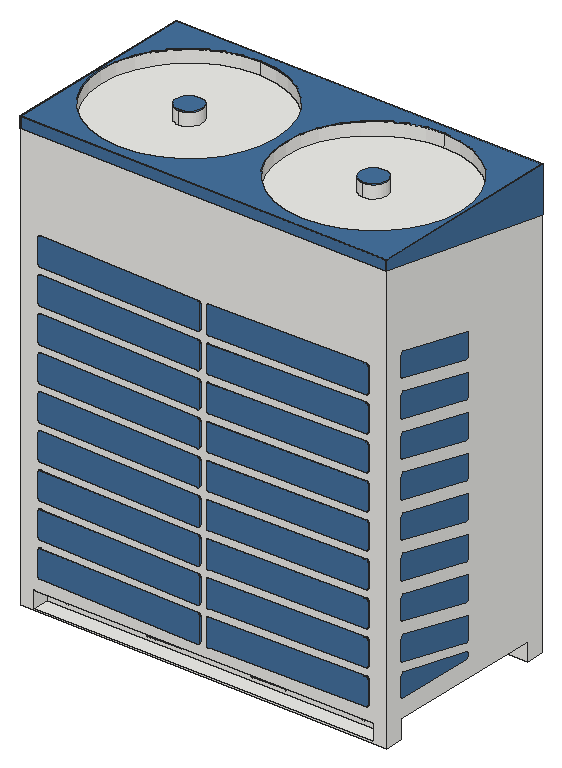
Revit family "bimlib_narujnyeblokisistemakondicionirovaniya_mrv-5_18-26hp_haier", category Оборудование, Revit 2020
Family settings
  Размер круглого соединителя = Использовать диаметр
  Тип детали = Нормальный
  На основе рабочей плоскости = Нет
  Всегда вертикально = Да
  При загрузке вырезать с полостями = Нет
  Общий = Нет
  Точка расчета площади = Нет
Parameters (values of type "AV18IMVEVA_18HP_HAIER")
  Тип компрессора = "DC INV. СПИРАЛ."  # constant formula
  Тип хладагента = "R410A"  # constant formula
  Рабочий диапазон_Охлаждение = "-5 ~ 50"  # constant formula
  Рабочий диапазон_Обогрев = "-23 ~ 21"  # constant formula
  Работа на обогрев = no
  Производитель компрессора = "MITSUBISHI ELECTRIC"  # constant formula
  Охлаждение_Номинальный ток = 24.14 A
  Охлаждение_Номинальная потребляемая мощность = 14.3 kW
  Охлаждение_Максимальный ток = 36.13 A
  Охлаждение_Максимальная потребляемая мощность = 21.4 kW
  Отметка по умолчанию = 0.00 mm
  Обогрев_Номинальный ток = 22.62 A
  Обогрев_Максимальный ток = 29.88 A
  Обогрев_Номинальная потребляемая мощность = 13.4 kW
  Обогрев_Максимальная потребляемая мощность = 17.7 kW
  Частота тока = 50 Hz  # constant formula
  Холодопроизводительность = 50.4 kW
  Теплопроизводительность = 56.5 kW
  Изготовитель = [ADSK_Завод-изготовитель]  # "Haier Group"
  Звуковое давление = "61"
  Звуковая мощность = "72"
  Заправка хладагента = 10.00 kg
  Видимость_Зона обслуживания [instance] = no
  Watermark [instance] = "Модели защищены уникальным кодом"
  URL = "www.haier.com"
  Диаметр_Жидкость = 15.88 mm
  Диаметр_Газ = 28.58 mm
  HG_URL поставщика = "www.haierproff.ru"
  BL_Разработано = "support@bimlib.pro"
  BL_BIM library = "https://bimlib.pro/manufacturer/company/23806"
  ADSK_Расход жидкости [instance] = 0.0 L/s
  ADSK_Расход воздуха = 17000.0 m³/h
  ADSK_Размер_Ширина = 1410.00 mm
  ADSK_Размер_Глубина = 750.00 mm
  ADSK_Размер_Высота = 1690.00 mm
  ADSK_Полная мощность = ADSK_Номинальная мощность / ADSK_Коэффициент мощности  # 14300 VA
  ADSK_Обозначение = "MRV 5"  # constant formula
  ADSK_Номинальная мощность = if(Работа на обогрев, Обогрев_Номинальная потребляемая мощность, Охлаждение_Номинальная потребляемая мощность)  # 14300 W
  ADSK_Напряжение = 400 V
  ADSK_Наименование краткое = "VRF-системы MRV 5, 18HP"
  ADSK_Наименование = "Наружный блок VRF-системы кондиционирования MRV-5, 18HP"
  ADSK_Масса = 287
  ADSK_Коэффициент мощности = 1
  ADSK_Количество фаз = 3
  ADSK_Количество = 1  # constant formula
  ADSK_Код изделия = "AV18IMVEVA"
  ADSK_Классификация нагрузок = ОВК
  ADSK_Завод-изготовитель = "Haier Group"  # constant formula
  ADSK_Единица измерения = "шт."  # constant formula
  ADSK_Группирование = "VRF-системы MRV 5"  # constant formula
  ADSK_Версия Revit = "2017"  # constant formula
  ADSK_URL страницы изделия = "https://haierproff.ru/material/cond/tech/products/multizonalnie_sistemy_vrf/mrv_V"
  ADSK_URL документации изделия = "https://haierproff.ru/material/cond/tech/products/multizonalnie_sistemy_vrf/mrv_V/1522"
Reference planes
  plane 1 "По центру (Вперед/Назад)": y = 0
  plane 2: z = 0
  plane 3 "По центру (Влево/Вправо)": x = 0
  plane 4: x = -705
  plane 5: x = 705
  plane 6: y = 375
  plane 7: y = -375
  plane 8: z = 1690
  plane 9: z = 70
  plane 10: y = 305
  plane 11: y = -305
  plane 12 "1": y = 375
  plane 13: x = -605
  plane 14: z = 1370.593
  plane 15 "2": z = 210
  plane 16: y = 275
  plane 17 "3": z = 350
  plane 18 "4": z = 120
  plane 19: y = -275
  plane 20 "5": z = 1689
  plane 21: x = -420
  plane 22: x = 420
  plane 23: y = 310
  plane 24: z = 5
  plane 25: y = -310
  plane 26: y = 376
Forms (mm)
  Extrusion 1, solid, material "BIMLIB_Белый_Haier", detail levels medium+fine
    sketch origin (0, 0, 0) x (1, 0, 0) y (0, 1, 0)
      loop
        line (-705, 375) -> (-705, -375) -> (705, -375) -> (705, 375) -> (-705, 375)
    from 0 to 1689
  Extrusion 2, solid, material "BIMLIB_Синий_Haier", detail levels medium+fine
    sketch origin (-705, 375, 0) x (1, 0, 0) y (0, 0, -1)
      loop
        line (765, -1649) -> (0, -1649) -> (0, -1689) -> (1410, -1689) -> (1410, -1513.419) -> (865, -1438.957) -> (865, -1549)
        arc (865, -1549) -> (835.711, -1619.711) -> (765, -1649) r 100
    from 0 to 1
  Extrusion 3, solid, material "BIMLIB_Синий_Haier", detail levels medium+fine
    sketch origin (-705, -375, 0) x (0, 1, 0) y (0, 0, -1)
      loop
        line (751, -1649) -> (0, -1649) -> (0, -1689) -> (751, -1689) -> (751, -1649)
    from 0 to 1
  Extrusion 4, solid, material "BIMLIB_Синий_Haier", detail levels medium+fine
    sketch origin (705, -375, 0) x (-1, 0, 0) y (0, 0, -1)
      loop
        line (1411, -1649) -> (0, -1649) -> (0, -1689) -> (1411, -1689) -> (1411, -1649)
    from 0 to 1
  Extrusion 5, solid, material "BIMLIB_Синий_Haier", detail levels medium+fine
    sketch origin (705, 375, 0) x (0, -1, 0) y (0, 0, -1)
      loop
        line (751, -1649.181) -> (-1, -1513.238) -> (-1, -1689) -> (751, -1689) -> (751, -1649.181)
    from 0 to 1
  Extrusion 6, void, detail levels fine
    sketch origin (0, 0, 1689) x (0, 1, 0) y (1, 0, 0)
      loop
        circle (0, -356) r 340
      loop
        circle (0, -356) r 50
      loop
        circle (0, 356) r 340
      loop
        circle (0, 356) r 50
    from -1 to 49
  Extrusion 7, solid, material "BIMLIB_Синий_Haier", detail levels medium+fine
    sketch origin (500, 0, 1689) x (1, 0, 0) y (0, 1, 0)
      loop
        line (206, 376) -> (-1206, 376) -> (-1206, -376) -> (206, -376) -> (206, 376)
      loop
        circle (-856, 0) r 340
      loop
        circle (-856, 0) r 50
      loop
        circle (-144, 0) r 340
      loop
        circle (-144, 0) r 50
    from 1 to 0
  Extrusion 8, void
    sketch origin (0, 0, 0) x (1, 0, 0) y (0, 1, 0)
      loop
        line (-705, 305) -> (-705, -305) -> (705, -305) -> (705, 305) -> (-705, 305)
    from 0 to 70
  Extrusion 9, void, detail levels medium+fine
    sketch origin (-705, 375, 0) x (-1, 0, 0) y (0, 0, -1)
      loop
        line (-1360, -70) -> (-50, -70) -> (-50, -5) -> (-1360, -5) -> (-1360, -70)
    from 0 to 65
  Extrusion 10, void, detail levels medium+fine
    sketch origin (-705, 375, -45) x (-1, 0, 0) y (0, 0, -1)
      loop
        line (-1360, -115) -> (-50, -115) -> (-50, -50) -> (-1360, -50) -> (-1360, -115)
    from 685 to 750
  Extrusion 11, void
    sketch origin (705, -375, 0) x (1, 0, 0) y (0, 0, -1)
      loop
        arc (-440, -62.392) -> (-432.929, -59.463) -> (-430, -52.392) r 10
        line (-430, -52.392) -> (-430, -27.392)
        arc (-430, -27.392) -> (-432.929, -20.321) -> (-440, -17.392) r 10
        line (-440, -17.392) -> (-565.997, -17.392)
        arc (-565.997, -17.392) -> (-573.068, -20.321) -> (-575.997, -27.392) r 10
        line (-575.997, -27.392) -> (-575.997, -52.392)
        arc (-575.997, -52.392) -> (-573.068, -59.463) -> (-565.997, -62.392) r 10
        line (-565.997, -62.392) -> (-440, -62.392)
      loop
        circle (-133.805, -39.902) r 20
      loop
        line (-970, -62.392) -> (-844.003, -62.392)
        arc (-844.003, -62.392) -> (-836.932, -59.463) -> (-834.003, -52.392) r 10
        line (-834.003, -52.392) -> (-834.003, -27.392)
        arc (-834.003, -27.392) -> (-836.932, -20.321) -> (-844.003, -17.392) r 10
        line (-844.003, -17.392) -> (-970, -17.392)
        arc (-970, -17.392) -> (-977.071, -20.321) -> (-980, -27.392) r 10
        line (-980, -27.392) -> (-980, -52.392)
        arc (-980, -52.392) -> (-977.071, -59.463) -> (-970, -62.392) r 10
      loop
        circle (-1276.195, -39.902) r 20
    from 0 to 735.349
  Extrusion 12, solid, material "BIMLIB_Белый_Haier", detail levels medium+fine
    sketch origin (285, 0, 0) x (1, 0, 0) y (0, 0, 1)
      loop
        circle (261.539, 120) r 14.29
    from -376 to -375
  Extrusion 13, solid, material "BIMLIB_Белый_Haier", detail levels medium+fine
    sketch origin (235, 0, 0) x (1, 0, 0) y (0, 0, 1)
      loop
        circle (261.539, 120) r 7.94
    from -376 to -375
Cuts and joins
  Extrusion 6, Extrusion 8, Extrusion 9, Extrusion 10, Extrusion 11 cuts Extrusion 1
Lines and regions (mm)
  Masking region 1, detail levels coarse
    outline origin (0, 0, 0) x (1, 0, 0) y (0, 1, 0)
      loop
        line (-705, 375) -> (-705, -375) -> (705, -375) -> (705, 375) -> (-705, 375)
  model lines, detail levels medium+fine
    curve 1: line (-155, 375, 1323.97) -> (-155, 375, 70)
    curve 2: line (-100.276, 375, 1403.395) -> (704.944, 375, 1513.411)
    curve 3: arc (-100.276, 375, 1403.395) -> (-139.995, 375, 1372.196) -> (-155, 375, 1323.97) r 85
    curve 4: line (-655, 375, 70) -> (704.944, 375, 70)
    curve 5: line (-705, 375, 1649.161) -> (59.677, 375, 1649.161)
    curve 6: line (160, 375, 1438.957) -> (160, 375, 1548.839)
    curve 7: arc (59.677, 375, 1649.161) -> (130.616, 375, 1619.778) -> (160, 375, 1548.839) r 100.323
    curve 8: line (-705, 375, 1649) -> (-705, -375, 1649)
    curve 9: line (-705, -375, 1649) -> (705, -375, 1649)
    curve 10: line (705, -375, 1649) -> (705, 375, 1513.419)
    curve 11: line (-655, 375, 0) -> (-655, 375, 1649.161)
    curve 12: line (-705, 305, 0) -> (-705, 305, 1649)
    curve 13: line (-705, -305, 0) -> (-705, -305, 1649)
    curve 14: line (705, -305, 0) -> (705, -305, 1636.346)
    curve 15: line (705, 305, 0) -> (705, 305, 1526.073)
    curve 16: line (-655, -375, 0) -> (-655, -375, 1649)
    curve 17: line (655, -375, 1649) -> (655, -375, 0)
    curve 18: line (-155, 375, 295) -> (704.944, 375, 295)
    curve 19: line (-95, 375, 1308.963) -> (-95, 375, 367.763)
    curve 20: line (615, 375, 1214.61) -> (615, 375, 454.354)
    curve 21: line (-95, 375, 1308.963) -> (591.139, 375, 1243.975)
    curve 22: line (590.43, 375, 424.85) -> (-95, 375, 367.763)
    curve 23: arc (591.139, 375, 1243.975) -> (608.283, 375, 1233.528) -> (615, 375, 1214.61) r 30
    curve 24: arc (615, 375, 454.354) -> (608.053, 375, 435.156) -> (590.43, 375, 424.85) r 30
    curve 37: circle (-356, 0, 1640) r 340 normal (0, 0, 1)
    curve 38: line (-96.348, 249.353, 1640) -> (-97.737, 250.792, 1640)
    curve 39: line (-96.348, -249.353, 1640) -> (-97.737, -250.792, 1640)
    curve 40: line (-615.652, -249.353, 1640) -> (-614.263, -250.792, 1640)
    curve 41: line (-615.652, 249.353, 1640) -> (-614.263, 250.792, 1640)
    curve 42: circle (-356, 0, 1640) r 50 normal (0, 0, 1)
    curve 43: line (705, 375, 70) -> (705, -375, 70)
    curve 44: line (-705, 305, 70) -> (-705, -305, 70)
    curve 45: line (-655, -375, 70) -> (655, -375, 70)
    curve 46: circle (557.1, 375, 249.453) r 25 normal (0, 1, 0)
    curve 47: circle (468.57, 375, 251.981) r 25 normal (0, 1, 0)
    curve 48: circle (440.463, 375, 213.367) r 15 normal (0, 1, 0)
    curve 49: circle (512.34, 375, 267.531) r 15 normal (0, 1, 0)
    curve 50: circle (608.548, 375, 214.202) r 15 normal (0, 1, 0)
    curve 51: line (584.43, 375, 70) -> (584.43, 375, 142.923)
    curve 52: line (581.574, 375, 153.224) -> (543.566, 375, 216.479)
    curve 53: line (534.994, 375, 221.329) -> (487.092, 375, 221.329)
    curve 54: line (481.357, 375, 219.52) -> (419.978, 375, 176.543)
    curve 55: line (411.45, 375, 160.16) -> (411.45, 375, 70)
    curve 56: line (472.731, 375, 213.48) -> (472.731, 375, 70)
    curve 57: arc (534.994, 375, 221.329) -> (539.919, 375, 220.032) -> (543.566, 375, 216.479) r 10
    curve 58: arc (487.092, 375, 221.329) -> (484.085, 375, 220.866) -> (481.357, 375, 219.52) r 10
    curve 59: arc (581.574, 375, 153.224) -> (583.703, 375, 148.268) -> (584.43, 375, 142.923) r 20
    curve 60: arc (419.978, 375, 176.543) -> (413.709, 375, 169.395) -> (411.45, 375, 160.16) r 20
    curve 61: line (705, 305, 295) -> (705, 375, 295)
    curve 62: circle (705, 250, 232.622) r 25 normal (1, 0, 0)
    curve 63: circle (705, 250, 178.02) r 25 normal (1, 0, 0)
    curve 64: circle (705, 195.472, 232.622) r 15 normal (1, 0, 0)
    curve 65: circle (705, 195.472, 178.02) r 15 normal (1, 0, 0)
    curve 70: circle (-356, 0, 1640) r 340 normal (0, 0, 1)
    curve 71: line (-96.348, 249.353, 1640) -> (-97.737, 250.792, 1640)
    curve 72: line (-96.348, -249.353, 1640) -> (-97.737, -250.792, 1640)
    curve 73: line (-615.652, -249.353, 1640) -> (-614.263, -250.792, 1640)
    curve 74: line (-615.652, 249.353, 1640) -> (-614.263, 250.792, 1640)
    curve 75: line (-335.742, -45.712, 1640) -> (-213.828, -275, 1640)
    curve 76: arc (-349.827, -49.617, 1640) -> (-347.264, -147.55, 1640) -> (-325.752, -243.126, 1640) r 502.605
    curve 77: arc (-325.752, -243.126, 1640) -> (-278.233, -288.709, 1640) -> (-213.828, -275, 1640) r 70.33
    curve 78: line (-310.288, 20.258, 1640) -> (-81, 142.172, 1640)
    curve 79: arc (-306.383, 6.173, 1640) -> (-208.45, 8.736, 1640) -> (-112.874, 30.248, 1640) r 502.605
    curve 80: arc (-112.874, 30.248, 1640) -> (-67.291, 77.767, 1640) -> (-81, 142.172, 1640) r 70.33
    curve 81: line (-401.712, -20.258, 1640) -> (-631, -142.172, 1640)
    curve 82: arc (-405.617, -6.173, 1640) -> (-503.55, -8.736, 1640) -> (-599.126, -30.248, 1640) r 502.605
    curve 83: arc (-599.126, -30.248, 1640) -> (-644.709, -77.767, 1640) -> (-631, -142.172, 1640) r 70.33
    curve 84: line (-376.258, 45.712, 1640) -> (-498.172, 275, 1640)
    curve 85: arc (-362.173, 49.617, 1640) -> (-364.736, 147.55, 1640) -> (-386.248, 243.126, 1640) r 502.605
    curve 86: arc (-386.248, 243.126, 1640) -> (-433.767, 288.709, 1640) -> (-498.172, 275, 1640) r 70.33
    curve 87: circle (-356, 0, 1640) r 50 normal (0, 0, 1)
    curve 88: circle (356, 0, 1640) r 340 normal (0, 0, 1)
    curve 89: line (615.652, 249.353, 1640) -> (614.263, 250.792, 1640)
    curve 90: line (615.652, -249.353, 1640) -> (614.263, -250.792, 1640)
    curve 91: line (96.348, -249.353, 1640) -> (97.737, -250.792, 1640)
    curve 92: line (96.348, 249.353, 1640) -> (97.737, 250.792, 1640)
    curve 93: line (376.258, -45.712, 1640) -> (498.172, -275, 1640)
    curve 94: arc (362.173, -49.617, 1640) -> (364.736, -147.55, 1640) -> (386.248, -243.126, 1640) r 502.605
    curve 95: arc (386.248, -243.126, 1640) -> (433.767, -288.709, 1640) -> (498.172, -275, 1640) r 70.33
    curve 96: line (401.712, 20.258, 1640) -> (631, 142.172, 1640)
    curve 97: arc (405.617, 6.173, 1640) -> (503.55, 8.736, 1640) -> (599.126, 30.248, 1640) r 502.605
    curve 98: arc (599.126, 30.248, 1640) -> (644.709, 77.767, 1640) -> (631, 142.172, 1640) r 70.33
    curve 99: line (310.288, -20.258, 1640) -> (81, -142.172, 1640)
    curve 100: arc (306.383, -6.173, 1640) -> (208.45, -8.736, 1640) -> (112.874, -30.248, 1640) r 502.605
    curve 101: arc (112.874, -30.248, 1640) -> (67.291, -77.767, 1640) -> (81, -142.172, 1640) r 70.33
    curve 102: line (335.742, 45.712, 1640) -> (213.828, 275, 1640)
    curve 103: arc (349.827, 49.617, 1640) -> (347.264, 147.55, 1640) -> (325.752, 243.126, 1640) r 502.605
    curve 104: arc (325.752, 243.126, 1640) -> (278.233, 288.709, 1640) -> (213.828, 275, 1640) r 70.33
    curve 105: circle (356, 0, 1640) r 50 normal (0, 0, 1)
    curve 106: circle (-356, 0, 1689) r 50 normal (0, 0, 1)
    curve 107: line (-356, -50, 1689) -> (-356, -350, 1689)
    curve 108: line (-406, 0, 1689) -> (-706, 0, 1689)
    curve 109: line (-356, 50, 1689) -> (-356, 350, 1689)
    curve 110: line (-357, 49.99, 1689) -> (-357, 349.999, 1689)
    curve 111: line (-355, 49.99, 1689) -> (-355, 349.999, 1689)
    curve 112: line (-405.99, -1, 1689) -> (-705.999, -1, 1689)
    curve 113: line (-405.99, 1, 1689) -> (-705.999, 1, 1689)
    curve 114: line (-357, -49.99, 1689) -> (-357, -349.999, 1689)
    curve 115: line (-355, -49.99, 1689) -> (-355, -349.999, 1689)
    curve 116: line (-137.348, -249.353, 1640) -> (-138.737, -250.792, 1640)
    curve 117: line (-391.967, -34.733, 1689) -> (-614.958, -250.072, 1689)
    curve 118: line (-392.654, -34.007, 1689) -> (-615.652, -249.353, 1689)
    curve 119: line (-391.265, -35.445, 1689) -> (-614.263, -250.792, 1689)
    curve 120: line (-391.967, 34.733, 1689) -> (-614.958, 250.072, 1689)
    curve 121: line (-392.654, 34.007, 1689) -> (-615.652, 249.353, 1689)
    curve 122: line (-391.265, 35.445, 1689) -> (-614.263, 250.792, 1689)
    curve 123: circle (-356, 0, 1689) r 80 normal (0, 0, 1)
    curve 124: circle (-356, 0, 1689) r 110 normal (0, 0, 1)
    curve 125: circle (-356, 0, 1689) r 140 normal (0, 0, 1)
    curve 126: circle (-356, 0, 1689) r 170 normal (0, 0, 1)
    curve 127: circle (-356, 0, 1689) r 200 normal (0, 0, 1)
    curve 128: circle (-356, 0, 1689) r 230 normal (0, 0, 1)
    curve 129: circle (-356, 0, 1689) r 260 normal (0, 0, 1)
    curve 130: circle (-356, 0, 1689) r 290 normal (0, 0, 1)
    curve 131: circle (-356, 0, 1689) r 320 normal (0, 0, 1)
    curve 132: line (-306, 0, 1689) -> (-6, 0, 1689)
    curve 133: line (-306.01, -1, 1689) -> (-6.001, -1, 1689)
    curve 134: line (-306.01, 1, 1689) -> (-6.001, 1, 1689)
    curve 135: line (-320.033, -34.733, 1689) -> (-97.042, -250.072, 1689)
    curve 136: line (-319.346, -34.007, 1689) -> (-96.348, -249.353, 1689)
    curve 137: line (-320.735, -35.445, 1689) -> (-97.737, -250.792, 1689)
    curve 138: line (-320.033, 34.733, 1689) -> (-97.042, 250.072, 1689)
    curve 139: line (-319.346, 34.007, 1689) -> (-96.348, 249.353, 1689)
    curve 140: line (-320.735, 35.445, 1689) -> (-97.737, 250.792, 1689)
    curve 141: circle (356, 0, 1689) r 50 normal (0, 0, 1)
    curve 142: line (356, -50, 1689) -> (356, -350, 1689)
    curve 143: line (306, 0, 1689) -> (6, 0, 1689)
    curve 144: line (356, 50, 1689) -> (356, 350, 1689)
    curve 145: line (355, 49.99, 1689) -> (355, 349.999, 1689)
    curve 146: line (357, 49.99, 1689) -> (357, 349.999, 1689)
    curve 147: line (306.01, -1, 1689) -> (6.001, -1, 1689)
    curve 148: line (306.01, 1, 1689) -> (6.001, 1, 1689)
    curve 149: line (355, -49.99, 1689) -> (355, -349.999, 1689)
    curve 150: line (357, -49.99, 1689) -> (357, -349.999, 1689)
    curve 151: line (474.652, -249.353, 1640) -> (473.263, -250.792, 1640)
    curve 152: line (320.033, -34.733, 1689) -> (97.042, -250.072, 1689)
    curve 153: line (319.346, -34.007, 1689) -> (96.348, -249.353, 1689)
    curve 154: line (320.735, -35.445, 1689) -> (97.737, -250.792, 1689)
    curve 155: line (-44.652, -249.353, 1640) -> (-43.263, -250.792, 1640)
    curve 156: line (320.033, 34.733, 1689) -> (97.042, 250.072, 1689)
    curve 157: line (319.346, 34.007, 1689) -> (96.348, 249.353, 1689)
    curve 158: line (320.735, 35.445, 1689) -> (97.737, 250.792, 1689)
    curve 159: circle (356, 0, 1689) r 80 normal (0, 0, 1)
    curve 160: circle (356, 0, 1689) r 110 normal (0, 0, 1)
    curve 161: circle (356, 0, 1689) r 140 normal (0, 0, 1)
    curve 162: circle (356, 0, 1689) r 170 normal (0, 0, 1)
    curve 163: circle (356, 0, 1689) r 200 normal (0, 0, 1)
    curve 164: circle (356, 0, 1689) r 230 normal (0, 0, 1)
    curve 165: circle (356, 0, 1689) r 260 normal (0, 0, 1)
    curve 166: circle (356, 0, 1689) r 290 normal (0, 0, 1)
    curve 167: circle (356, 0, 1689) r 320 normal (0, 0, 1)
    curve 168: line (406, 0, 1689) -> (706, 0, 1689)
    curve 169: line (405.99, -1, 1689) -> (705.999, -1, 1689)
    curve 170: line (405.99, 1, 1689) -> (705.999, 1, 1689)
    curve 171: line (391.967, -34.733, 1689) -> (614.958, -250.072, 1689)
    curve 172: line (392.654, -34.007, 1689) -> (615.652, -249.353, 1689)
    curve 173: line (391.265, -35.445, 1689) -> (614.263, -250.792, 1689)
    curve 174: line (391.967, 34.733, 1689) -> (614.958, 250.072, 1689)
    curve 175: line (392.654, 34.007, 1689) -> (615.652, 249.353, 1689)
    curve 176: line (391.265, 35.445, 1689) -> (614.263, 250.792, 1689)
  model lines, style "УГО", detail levels coarse
    curve 25: line (-705, 375, 1689) -> (-705, 375, 0)
    curve 26: line (-705, 375, 0) -> (704.944, 375, 0)
    curve 27: line (704.944, 375, 0) -> (704.944, 375, 1689)
    curve 28: line (704.944, 375, 1689) -> (-705, 375, 1689)
    curve 29: line (705, -375, 1689) -> (705, 375, 1689)
    curve 30: line (705, -375, 0) -> (705, 375, 0)
    curve 31: line (705, -375, 0) -> (705, -375, 1689)
    curve 32: line (-705, -375, 1689) -> (-705, -375, 0)
    curve 33: line (-705, -375, 0) -> (705, -375, 0)
    curve 34: line (-705, -375, 1689) -> (705, -375, 1689)
    curve 35: line (-705, 375, 1689) -> (-705, -375, 1689)
    curve 36: line (-705, 375, 0) -> (-705, -375, 0)
  symbolic lines, style "УГО"
    curve 66: line (-705, 375, 0) -> (705, 375, 0)
    curve 67: line (705, 375, 0) -> (705, -375, 0)
    curve 68: line (705, -375, 0) -> (-705, -375, 0)
    curve 69: line (-705, -375, 0) -> (-705, 375, 0)
Dimensions and locks
  "ADSK_Размер_Ширина": plane 4 to plane 5
  "ADSK_Размер_Глубина": plane 6 to plane 7
  "ADSK_Размер_Высота": level to plane 8
  equal spacing: plane 6, plane 1 "По центру (Вперед/Назад)", plane 7
  equal spacing: plane 4, plane 3 "По центру (Влево/Вправо)", plane 5
  plane 9 to plane 8 = 1620.00 mm
  locked: level to plane 9 at 70
  locked: plane 13 to plane 4 at 100
  equal spacing: group 1, group 2, group 3, group 4, group 5, group 6, group 7, group 8  (x3)
  level to plane 15 "2" = 210.00 mm
  locked: plane 6 to plane 16 at 100
  equal spacing: group 9, group 10, group 11, group 12, group 13, group 14, group 15, group 16, group 17  (x2)
  equal spacing: group 17, group 16, group 15, group 14, group 13, group 12, group 11, group 10, group 9
  plane 15 "2" to plane 17 "3" = 140.00 mm
  plane 18 "4" to plane 9 = 50.00 mm
  plane 16 to plane 6 = 100.00 mm
  plane 7 to plane 19 = 100.00 mm
  equal spacing: group 18, group 19, group 20, group 21, group 22, group 23, group 24, group 25, group 26  (x3)
  equal spacing: group 27, group 28, group 29, group 30, group 31, group 32, group 33, group 34  (x3)
  locked: plane 13 to nested 35 at 12.067
  locked: plane 18 "4" to nested 35 at 20
  locked: nested 35 to plane 18 "4" at 20
  locked: nested 36 to plane 18 "4" at 20
  plane 20 "5" to plane 8 = 1.00 mm
  locked: plane 23 to plane 10 at 5
  plane 24 to level = 5.00 mm
  locked: plane 11 to plane 25 at 5
  equal spacing: group 35, group 36, group 37, group 38, group 39, group 40, group 41, group 42, group 43  (x3)
  locked: plane 26 to plane 12 "1" at 1
  "Диаметр_Газ": diameter of Extrusion 12 sketch curve
  "Диаметр_Жидкость": diameter of Extrusion 13 sketch curve
  aligned and locked: level to plane 2
  aligned and locked: Extrusion 1 sketch curve to plane 6
  aligned and locked: Extrusion 1 sketch curve to plane 5
  aligned and locked: plane 7 to Extrusion 1 sketch curve
  aligned and locked: plane 4 to Extrusion 1 sketch curve
  aligned and locked: Extrusion 1 to level
  aligned and locked: level to cut or joined group of Extrusion 1, Extrusion 6, Extrusion 8, Extrusion 9, Extrusion 10, Extrusion 11
  aligned and locked: plane 4 to cut or joined group of Extrusion 1, Extrusion 6, Extrusion 8, Extrusion 9, Extrusion 10, Extrusion 11
  aligned and locked: nested 2 to plane 13
  aligned and locked: plane 15 "2" to nested 1
  aligned and locked: plane 12 "1" to plane 6
  aligned and locked: plane 17 "3" to nested 2
  aligned and locked: nested 9 to plane 18 "4"
  aligned and locked: plane 16 to nested 9
  aligned and locked: plane 16 to nested 11
  aligned and locked: plane 18 "4" to nested 19
  aligned and locked: plane 19 to nested 19
  aligned and locked: plane 19 to nested 20
  aligned and locked: plane 11 to nested 10
  aligned and locked: plane 15 "2" to nested 10
  aligned and locked: plane 11 to nested 28
  aligned and locked: nested 36 to plane 11
  aligned and locked: plane 20 "5" to Extrusion 1
  aligned and locked: plane 8 to Extrusion 6
  aligned and locked: Extrusion 7 to cut or joined group of Extrusion 1, Extrusion 6, Extrusion 8, Extrusion 9, Extrusion 10, Extrusion 11
  aligned and locked: plane 8 to Extrusion 7
  aligned and locked: plane 9 to Extrusion 8
  aligned and locked: plane 23 to cut or joined group of Extrusion 1, Extrusion 6, Extrusion 8, Extrusion 9, Extrusion 10, Extrusion 11
  aligned and locked: cut or joined group of Extrusion 1, Extrusion 6, Extrusion 8, Extrusion 9, Extrusion 10, Extrusion 11 to plane 24
  aligned and locked: plane 9 to cut or joined group of Extrusion 1, Extrusion 6, Extrusion 8, Extrusion 9, Extrusion 10, Extrusion 11
  aligned and locked: curve 17 to Extrusion 9
  aligned and locked: Extrusion 9 to curve 4
  aligned and locked: plane 9 to Extrusion 10
  aligned and locked: Extrusion 10 to Extrusion 9
  aligned and locked: Extrusion 10 to plane 25
  aligned and locked: nested 37 to plane 18 "4"
  aligned and locked: curve 69 to Masking region 1 sketch curve
  aligned and locked: Masking region 1 sketch curve to curve 66
  aligned and locked: Masking region 1 sketch curve to curve 67
  aligned and locked: Masking region 1 sketch curve to curve 68
  aligned and locked: plane 4 to curve 69
  aligned and locked: plane 7 to curve 68
  aligned and locked: curve 66 to plane 6
  aligned and locked: curve 67 to plane 5
  aligned and locked: plane 3 "По центру (Влево/Вправо)" to nested 47
  aligned and locked: plane 1 "По центру (Вперед/Назад)" to nested 47
  aligned and locked: nested 46 to plane 1 "По центру (Вперед/Назад)"
  aligned and locked: nested 46 to plane 3 "По центру (Влево/Вправо)"
  aligned and locked: nested 1 to plane 13
  aligned and locked: nested 35 to plane 15 "2"
  aligned and locked: plane 18 "4" to nested 48
Automatic sketch dimensions
  Extrusion 1 sketch curve to plane 5 = 0.00 mm
  curve 8 to Extrusion 1 = 0.00 mm  (x2)
  curve 36 to Extrusion 1 = 0.00 mm  (x3)
  Extrusion 1 to curve 35 = 0.00 mm
  curve 35 to Extrusion 1 = 0.00 mm  (x2)
  curve 44 to Extrusion 1 = 70.00 mm
  Extrusion 1 to curve 12 = 70.00 mm
  curve 35 to curve 8 = 40.00 mm
  Extrusion 1 to curve 44 = 70.00 mm
  curve 9 to Extrusion 1 = 0.00 mm
  curve 34 to Extrusion 1 = 0.00 mm  (x3)
  curve 33 to Extrusion 1 = 0.00 mm  (x2)
  Extrusion 1 to curve 16 = 50.00 mm
  Extrusion 1 to curve 17 = 40.00 mm
  Extrusion 1 to curve 45 = 70.00 mm
  curve 30 to Extrusion 1 = 0.00 mm  (x2)
  curve 10 to Extrusion 1 = 0.00 mm
  Extrusion 1 to curve 29 = 0.00 mm
  curve 29 to Extrusion 1 = 0.00 mm  (x2)
  curve 61 to Extrusion 1 = 0.00 mm
  curve 43 to Extrusion 1 = 0.00 mm
  Extrusion 1 to curve 63 = 125.00 mm
  curve 62 to curve 63 = 0.00 mm
  curve 63 to curve 65 = 54.528 mm
  curve 62 to curve 64 = 54.528 mm
  Extrusion 1 to curve 62 = 232.622 mm
  curve 64 to curve 62 = 0.00 mm
  curve 62 to curve 63 = 54.602 mm
  curve 65 to curve 63 = 0.00 mm
  Extrusion 1 to curve 15 = 70.00 mm
  Extrusion 1 to curve 14 = 70.00 mm
  Extrusion 1 to curve 10 = 40.00 mm
  Extrusion 1 to curve 14 = 52.654 mm
  curve 61 to curve 62 = 62.378 mm
  curve 43 to curve 30 = 70.00 mm
  Extrusion 2 sketch curve to Extrusion 1 = 0.00 mm  (x2)
  Extrusion 1 to Extrusion 2 sketch curve = 0.00 mm
  Extrusion 1 to Extrusion 2 sketch curve = 40.00 mm
  Extrusion 2 sketch curve to Extrusion 1 = 645.00 mm
  Extrusion 2 sketch curve to Extrusion 2 sketch curve = 100.00 mm
  Extrusion 1 to Extrusion 2 sketch curve = 175.581 mm
  Extrusion 2 sketch curve to Extrusion 2 sketch curve = 110.043 mm
  Extrusion 3 sketch curve to Extrusion 1 = 0.00 mm  (x2)
  Extrusion 3 sketch curve to Extrusion 1 = 1.00 mm
  Extrusion 1 to Extrusion 3 sketch curve = 40.00 mm
  Extrusion 4 sketch curve to Extrusion 1 = 0.00 mm  (x2)
  Extrusion 4 sketch curve to Extrusion 1 = 1.00 mm
  Extrusion 1 to Extrusion 4 sketch curve = 40.00 mm
  Extrusion 1 to Extrusion 5 sketch curve = 0.00 mm
  Extrusion 5 sketch curve to Extrusion 1 = 1.00 mm  (x2)
  Extrusion 1 to Extrusion 5 sketch curve = 39.819 mm
  Extrusion 1 to Extrusion 5 sketch curve = 175.762 mm
  Extrusion 6 sketch curve to Extrusion 6 sketch curve = 0.00 mm  (x4)
  Extrusion 6 sketch curve to Extrusion 1 = 375.00 mm  (x2)
  Extrusion 6 sketch curve to Extrusion 1 = 349.00 mm  (x2)
  Extrusion 7 sketch curve to Extrusion 7 sketch curve = 0.00 mm  (x12)
  Extrusion 1 to Extrusion 7 sketch curve = 1.00 mm  (x4)
  Extrusion 7 sketch curve to Extrusion 1 = 349.00 mm  (x2)
  Extrusion 7 sketch curve to Extrusion 1 = 375.00 mm  (x2)
  Extrusion 7 sketch curve to Extrusion 1 = 35.00 mm  (x2)
  curve 94 to curve 88 = 85.497 mm
  curve 76 to curve 105 = 85.497 mm
  curve 101 to curve 76 = 11.533 mm
  curve 83 to curve 42 = 97.03 mm
  curve 81 to curve 83 = 45.141 mm
  curve 99 to curve 101 = 45.141 mm
  curve 95 to curve 88 = 221.068 mm
  curve 77 to curve 70 = 221.068 mm
  curve 75 to curve 77 = 53.932 mm
  curve 93 to curve 95 = 53.932 mm
  curve 82 to curve 77 = 232.496 mm
  curve 100 to curve 95 = 232.496 mm
  curve 70 to curve 103 = 85.497 mm
  curve 83 to curve 85 = 227.669 mm
  curve 88 to curve 98 = 97.03 mm
  curve 103 to curve 80 = 11.533 mm
  curve 98 to curve 96 = 45.141 mm
  curve 80 to curve 78 = 45.141 mm
  curve 42 to curve 86 = 221.068 mm
  curve 105 to curve 104 = 221.068 mm
  curve 104 to curve 102 = 53.932 mm
  curve 86 to curve 84 = 53.932 mm
  curve 102 to curve 97 = 232.496 mm
  curve 84 to curve 79 = 232.496 mm
  curve 97 to curve 88 = 85.497 mm
  curve 95 to curve 88 = 97.03 mm
  curve 93 to curve 95 = 45.141 mm
  curve 98 to curve 88 = 221.068 mm
  curve 96 to curve 98 = 53.932 mm
  curve 94 to curve 98 = 264.37 mm
  curve 95 to curve 100 = 115.746 mm
  curve 105 to curve 104 = 97.03 mm
  curve 104 to curve 102 = 45.141 mm
  curve 105 to curve 76 = 204.504 mm
  curve 76 to curve 101 = 16.564 mm
  curve 101 to curve 99 = 53.932 mm
  curve 101 to curve 78 = 193.874 mm
  curve 80 to curve 80 = 53.932 mm
  curve 80 to curve 103 = 16.564 mm
  curve 75 to curve 70 = 142.172 mm
  curve 77 to curve 77 = 45.141 mm
  curve 80 to curve 79 = 189.503 mm
  curve 77 to curve 82 = 115.746 mm
  curve 42 to curve 86 = 97.03 mm
  curve 86 to curve 84 = 45.141 mm
  curve 42 to curve 83 = 221.068 mm
  curve 83 to curve 81 = 53.932 mm
  curve 83 to curve 85 = 264.37 mm
  curve 100 to curve 105 = 6.173 mm
  curve 82 to curve 42 = 6.173 mm
  curve 81 to curve 82 = 14.084 mm
  curve 99 to curve 100 = 14.084 mm
  curve 93 to curve 88 = 45.712 mm
  curve 75 to curve 70 = 45.712 mm
  curve 76 to curve 75 = 3.905 mm
  curve 94 to curve 93 = 3.905 mm
  curve 95 to curve 151 = 25.647 mm
  curve 40 to curve 81 = 107.181 mm
  curve 75 to curve 39 = 25.647 mm
  curve 39 to curve 155 = 0.00 mm
  curve 72 to curve 39 = 0.00 mm  (x2)
  curve 91 to curve 99 = 107.181 mm
  curve 93 to curve 90 = 25.647 mm
  curve 116 to curve 72 = 0.00 mm
  curve 73 to curve 40 = 0.00 mm  (x2)
  curve 73 to curve 73 = 1.439 mm
  curve 72 to curve 72 = 1.439 mm
  curve 40 to curve 73 = 0.00 mm  (x2)
  curve 155 to curve 155 = 1.439 mm
  curve 116 to curve 116 = 1.439 mm
  curve 91 to curve 91 = 1.439 mm
  curve 90 to curve 90 = 1.439 mm
  curve 151 to curve 151 = 1.439 mm
  curve 39 to curve 72 = 0.00 mm  (x2)
  curve 70 to curve 79 = 6.173 mm
  curve 88 to curve 97 = 6.173 mm
  curve 79 to curve 78 = 14.084 mm
  curve 97 to curve 96 = 14.084 mm
  curve 42 to curve 84 = 45.712 mm
  curve 105 to curve 102 = 45.712 mm
  curve 84 to curve 85 = 3.905 mm
  curve 102 to curve 103 = 3.905 mm
  curve 80 to curve 71 = 107.181 mm
  curve 38 to curve 71 = 0.00 mm  (x2)
  curve 92 to curve 102 = 25.647 mm
  curve 96 to curve 89 = 107.181 mm
  curve 41 to curve 84 = 25.647 mm
  curve 74 to curve 41 = 0.00 mm
  curve 92 to curve 92 = 1.439 mm
  curve 38 to curve 38 = 1.439 mm
  curve 41 to curve 74 = 1.439 mm
  curve 41 to curve 74 = 0.00 mm  (x3)
  curve 89 to curve 89 = 1.439 mm
  curve 71 to curve 38 = 0.00 mm  (x2)
  curve 95 to curve 151 = 24.909 mm
  curve 151 to curve 151 = 1.389 mm
  curve 90 to curve 93 = 116.091 mm
  curve 96 to curve 89 = 16.737 mm
  curve 89 to curve 89 = 1.389 mm
  curve 90 to curve 90 = 1.389 mm
  curve 91 to curve 99 = 16.737 mm
  curve 102 to curve 92 = 116.091 mm
  curve 92 to curve 92 = 1.389 mm
  curve 91 to curve 91 = 1.389 mm
  curve 91 to curve 155 = 139.611 mm
  curve 155 to curve 155 = 1.389 mm
  curve 155 to curve 72 = 51.696 mm
  curve 80 to curve 71 = 15.348 mm
  curve 72 to curve 39 = 1.389 mm
  curve 38 to curve 38 = 1.389 mm
  curve 39 to curve 116 = 39.611 mm
  curve 116 to curve 116 = 1.389 mm
  curve 40 to curve 81 = 16.737 mm
  curve 84 to curve 74 = 116.091 mm
  curve 40 to curve 73 = 1.389 mm
  curve 41 to curve 74 = 1.389 mm
  Extrusion 8 sketch curve to plane 4 = 0.00 mm
  Extrusion 8 sketch curve to plane 5 = 0.00 mm
  plane 11 to Extrusion 8 sketch curve = 0.00 mm
  plane 10 to Extrusion 8 sketch curve = 0.00 mm
  Extrusion 9 sketch curve to Extrusion 1 = 5.00 mm
  Extrusion 1 to Extrusion 9 sketch curve = 50.00 mm  (x2)
  Extrusion 9 sketch curve to Extrusion 9 sketch curve = 65.00 mm
  Extrusion 10 sketch curve to Extrusion 1 = 5.00 mm
  Extrusion 1 to Extrusion 10 sketch curve = 50.00 mm  (x2)
  Extrusion 10 sketch curve to Extrusion 10 sketch curve = 65.00 mm
  Extrusion 11 sketch curve to Extrusion 1 = 39.902 mm  (x2)
  Extrusion 11 sketch curve to Extrusion 1 = 133.805 mm
  Extrusion 11 sketch curve to Extrusion 1 = 27.392 mm  (x3)
  Extrusion 11 sketch curve to Extrusion 11 sketch curve = 296.195 mm
  Extrusion 11 sketch curve to Extrusion 11 sketch curve = 10.00 mm  (x6)
  Extrusion 11 sketch curve to Extrusion 11 sketch curve = 125.997 mm  (x2)
  Extrusion 11 sketch curve to Extrusion 11 sketch curve = 0.00 mm
  Extrusion 11 sketch curve to Extrusion 11 sketch curve = 258.005 mm
  Extrusion 1 to Extrusion 11 sketch curve = 133.805 mm
  Extrusion 11 sketch curve to Extrusion 11 sketch curve = 25.00 mm  (x2)
  curve 106 to curve 123 = 0.00 mm  (x2)
  curve 106 to curve 124 = 0.00 mm  (x2)
  curve 106 to curve 125 = 0.00 mm  (x2)
  curve 106 to curve 126 = 0.00 mm  (x2)
  curve 106 to curve 127 = 0.00 mm  (x2)
  curve 106 to curve 128 = 0.00 mm  (x2)
  curve 106 to curve 129 = 0.00 mm  (x2)
  curve 106 to curve 130 = 0.00 mm  (x2)
  curve 106 to curve 131 = 0.00 mm  (x2)
  curve 123 to curve 124 = 0.00 mm  (x2)
  curve 123 to curve 125 = 0.00 mm  (x2)
  curve 123 to curve 126 = 0.00 mm  (x2)
  curve 123 to curve 127 = 0.00 mm  (x2)
  curve 123 to curve 128 = 0.00 mm  (x2)
  curve 123 to curve 129 = 0.00 mm  (x2)
  curve 123 to curve 130 = 0.00 mm  (x2)
  curve 123 to curve 131 = 0.00 mm  (x2)
  curve 124 to curve 125 = 0.00 mm  (x2)
  curve 124 to curve 126 = 0.00 mm  (x2)
  curve 124 to curve 127 = 0.00 mm  (x2)
  curve 124 to curve 128 = 0.00 mm  (x2)
  curve 124 to curve 129 = 0.00 mm  (x2)
  curve 124 to curve 130 = 0.00 mm  (x2)
  curve 124 to curve 131 = 0.00 mm  (x2)
  curve 125 to curve 126 = 0.00 mm  (x2)
  curve 125 to curve 127 = 0.00 mm  (x2)
  curve 125 to curve 128 = 0.00 mm  (x2)
  curve 125 to curve 129 = 0.00 mm  (x2)
  curve 125 to curve 130 = 0.00 mm  (x2)
  curve 125 to curve 131 = 0.00 mm  (x2)
  curve 126 to curve 127 = 0.00 mm  (x2)
  curve 126 to curve 128 = 0.00 mm  (x2)
  curve 126 to curve 129 = 0.00 mm  (x2)
  curve 126 to curve 130 = 0.00 mm  (x2)
  curve 126 to curve 131 = 0.00 mm  (x2)
  curve 127 to curve 128 = 0.00 mm  (x2)
  curve 127 to curve 129 = 0.00 mm  (x2)
  curve 127 to curve 130 = 0.00 mm  (x2)
  curve 127 to curve 131 = 0.00 mm  (x2)
  curve 128 to curve 129 = 0.00 mm  (x2)
  curve 128 to curve 130 = 0.00 mm  (x2)
  curve 128 to curve 131 = 0.00 mm  (x2)
  curve 129 to curve 130 = 0.00 mm  (x2)
  curve 129 to curve 131 = 0.00 mm  (x2)
  curve 130 to curve 131 = 0.00 mm  (x2)
  curve 141 to curve 159 = 0.00 mm  (x2)
  curve 141 to curve 160 = 0.00 mm  (x2)
  curve 141 to curve 161 = 0.00 mm  (x2)
  curve 141 to curve 162 = 0.00 mm  (x2)
  curve 141 to curve 163 = 0.00 mm  (x2)
  curve 141 to curve 164 = 0.00 mm  (x2)
  curve 141 to curve 165 = 0.00 mm  (x2)
  curve 141 to curve 166 = 0.00 mm  (x2)
  curve 141 to curve 167 = 0.00 mm  (x2)
  curve 159 to curve 160 = 0.00 mm  (x2)
  curve 159 to curve 161 = 0.00 mm  (x2)
  curve 159 to curve 162 = 0.00 mm  (x2)
  curve 159 to curve 163 = 0.00 mm  (x2)
  curve 159 to curve 164 = 0.00 mm  (x2)
  curve 159 to curve 165 = 0.00 mm  (x2)
  curve 159 to curve 166 = 0.00 mm  (x2)
  curve 159 to curve 167 = 0.00 mm  (x2)
  curve 160 to curve 161 = 0.00 mm  (x2)
  curve 160 to curve 162 = 0.00 mm  (x2)
  curve 160 to curve 163 = 0.00 mm  (x2)
  curve 160 to curve 164 = 0.00 mm  (x2)
  curve 160 to curve 165 = 0.00 mm  (x2)
  curve 160 to curve 166 = 0.00 mm  (x2)
  curve 160 to curve 167 = 0.00 mm  (x2)
  curve 161 to curve 162 = 0.00 mm  (x2)
  curve 161 to curve 163 = 0.00 mm  (x2)
  curve 161 to curve 164 = 0.00 mm  (x2)
  curve 161 to curve 165 = 0.00 mm  (x2)
  curve 161 to curve 166 = 0.00 mm  (x2)
  curve 161 to curve 167 = 0.00 mm  (x2)
  curve 162 to curve 163 = 0.00 mm  (x2)
  curve 162 to curve 164 = 0.00 mm  (x2)
  curve 162 to curve 165 = 0.00 mm  (x2)
  curve 162 to curve 166 = 0.00 mm  (x2)
  curve 162 to curve 167 = 0.00 mm  (x2)
  curve 163 to curve 164 = 0.00 mm  (x2)
  curve 163 to curve 165 = 0.00 mm  (x2)
  curve 163 to curve 166 = 0.00 mm  (x2)
  curve 163 to curve 167 = 0.00 mm  (x2)
  curve 164 to curve 165 = 0.00 mm  (x2)
  curve 164 to curve 166 = 0.00 mm  (x2)
  curve 164 to curve 167 = 0.00 mm  (x2)
  curve 165 to curve 166 = 0.00 mm  (x2)
  curve 165 to curve 167 = 0.00 mm  (x2)
  curve 166 to curve 167 = 0.00 mm  (x2)
  plane 1 "По центру (Вперед/Назад)" to curve 108 = 0.00 mm
  plane 1 "По центру (Вперед/Назад)" to curve 106 = 0.00 mm
  plane 1 "По центру (Вперед/Назад)" to curve 132 = 0.00 mm
  plane 1 "По центру (Вперед/Назад)" to curve 143 = 0.00 mm
  plane 1 "По центру (Вперед/Назад)" to curve 165 = 0.00 mm
  plane 1 "По центру (Вперед/Назад)" to curve 168 = 0.00 mm
  plane 21 to curve 106 = 64.00 mm
  curve 165 to plane 22 = 64.00 mm
  curve 109 to plane 6 = 25.00 mm
  plane 21 to curve 109 = 64.00 mm
  curve 114 to curve 106 = 1.00 mm
  curve 110 to curve 109 = 1.00 mm
  plane 21 to curve 122 = 28.735 mm
  plane 21 to curve 119 = 28.735 mm
  curve 117 to curve 119 = 0.702 mm
  curve 120 to curve 122 = 0.702 mm
  curve 121 to curve 120 = 0.687 mm
  curve 118 to curve 117 = 0.687 mm
  curve 113 to plane 1 "По центру (Вперед/Назад)" = 1.00 mm
  plane 21 to curve 113 = 14.01 mm
  plane 1 "По центру (Вперед/Назад)" to curve 112 = 1.00 mm
  plane 13 to curve 122 = 9.263 mm
  plane 13 to curve 119 = 9.263 mm
  curve 120 to curve 122 = 0.695 mm
  curve 117 to curve 119 = 0.695 mm
  curve 118 to curve 117 = 0.695 mm
  curve 121 to curve 120 = 0.695 mm
  curve 112 to plane 4 = 0.999 mm
  curve 113 to plane 4 = 0.999 mm
  curve 108 to plane 4 = 1.00 mm
  curve 114 to curve 107 = 1.00 mm
  curve 107 to curve 115 = 1.00 mm
  curve 109 to curve 111 = 1.00 mm
  curve 140 to plane 1 "По центру (Вперед/Назад)" = 35.445 mm
  plane 1 "По центру (Вперед/Назад)" to curve 137 = 35.445 mm
  curve 138 to plane 1 "По центру (Вперед/Назад)" = 34.733 mm
  plane 1 "По центру (Вперед/Назад)" to curve 135 = 34.733 mm
  curve 139 to plane 1 "По центру (Вперед/Назад)" = 34.007 mm
  plane 1 "По центру (Вперед/Назад)" to curve 136 = 34.007 mm
  plane 1 "По центру (Вперед/Назад)" to curve 133 = 1.00 mm
  curve 134 to plane 1 "По центру (Вперед/Назад)" = 1.00 mm
  curve 137 to plane 19 = 24.208 mm
  curve 137 to plane 3 "По центру (Влево/Вправо)" = 97.737 mm
  plane 16 to curve 140 = 24.208 mm
  curve 140 to plane 3 "По центру (Влево/Вправо)" = 97.737 mm
  curve 135 to plane 19 = 24.928 mm
  curve 137 to curve 135 = 0.695 mm
  plane 16 to curve 138 = 24.928 mm
  curve 140 to curve 138 = 0.695 mm
  curve 136 to plane 19 = 25.647 mm
  curve 135 to curve 136 = 0.695 mm
  plane 16 to curve 139 = 25.647 mm
  curve 138 to curve 139 = 0.695 mm
  curve 134 to plane 3 "По центру (Влево/Вправо)" = 6.001 mm
  curve 133 to curve 134 = 0.00 mm
  curve 134 to curve 132 = 0.001 mm
  plane 3 "По центру (Влево/Вправо)" to curve 143 = 6.00 mm
  curve 143 to curve 147 = 0.001 mm
  curve 143 to curve 148 = 0.001 mm
  plane 16 to curve 157 = 25.647 mm
  plane 3 "По центру (Влево/Вправо)" to curve 157 = 96.348 mm
  curve 153 to plane 19 = 25.647 mm
  plane 3 "По центру (Влево/Вправо)" to curve 153 = 96.348 mm
  curve 152 to plane 19 = 24.928 mm
  curve 153 to curve 152 = 0.695 mm
  plane 16 to curve 156 = 24.928 mm
  curve 157 to curve 156 = 0.695 mm
  curve 154 to plane 19 = 24.208 mm
  curve 152 to curve 154 = 0.695 mm
  plane 16 to curve 158 = 24.208 mm
  curve 156 to curve 158 = 0.695 mm
  curve 143 to curve 141 = 50.00 mm
  plane 1 "По центру (Вперед/Назад)" to curve 147 = 1.00 mm
  curve 148 to plane 1 "По центру (Вперед/Назад)" = 1.00 mm
  plane 1 "По центру (Вперед/Назад)" to curve 153 = 34.007 mm
  curve 157 to plane 1 "По центру (Вперед/Назад)" = 34.007 mm
  curve 156 to plane 1 "По центру (Вперед/Назад)" = 34.733 mm
  plane 1 "По центру (Вперед/Назад)" to curve 152 = 34.733 mm
  plane 1 "По центру (Вперед/Назад)" to curve 154 = 35.445 mm
  curve 158 to plane 1 "По центру (Вперед/Назад)" = 35.445 mm
  curve 158 to curve 145 = 34.265 mm
  curve 154 to curve 149 = 34.265 mm
  curve 145 to curve 144 = 1.00 mm
  curve 149 to curve 142 = 1.00 mm
  curve 142 to curve 150 = 1.00 mm
  curve 144 to curve 146 = 1.00 mm
  curve 173 to plane 22 = 28.735 mm
  curve 176 to plane 22 = 28.735 mm
  curve 176 to curve 174 = 0.702 mm
  curve 173 to curve 171 = 0.702 mm
  curve 174 to curve 175 = 0.687 mm
  curve 171 to curve 172 = 0.687 mm
  plane 1 "По центру (Вперед/Назад)" to curve 169 = 1.00 mm
  curve 170 to plane 1 "По центру (Вперед/Назад)" = 1.00 mm
  curve 173 to plane 19 = 24.208 mm
  curve 173 to plane 5 = 90.737 mm
  plane 16 to curve 176 = 24.208 mm
  curve 176 to plane 5 = 90.737 mm
  curve 171 to plane 19 = 24.928 mm
  curve 173 to curve 171 = 0.695 mm
  plane 16 to curve 174 = 24.928 mm
  curve 176 to curve 174 = 0.695 mm
  plane 16 to curve 175 = 25.647 mm
  curve 174 to curve 175 = 0.695 mm
  curve 172 to plane 19 = 25.647 mm
  curve 171 to curve 172 = 0.695 mm
  plane 5 to curve 169 = 0.999 mm
  plane 5 to curve 170 = 0.999 mm
  plane 5 to curve 168 = 1.00 mm
  curve 118 to plane 19 = 25.647 mm
  curve 117 to curve 118 = 0.719 mm
  curve 119 to curve 117 = 0.719 mm
  plane 7 to curve 150 = 25.001 mm
  curve 149 to curve 150 = 0.00 mm
  plane 7 to curve 114 = 25.001 mm
  curve 114 to curve 115 = 0.00 mm
  curve 142 to curve 149 = 0.001 mm
  curve 107 to curve 114 = 0.001 mm
  plane 16 to curve 121 = 25.647 mm
  curve 121 to curve 120 = 0.719 mm
  curve 120 to curve 122 = 0.719 mm
  curve 111 to curve 109 = 0.001 mm
  curve 146 to plane 6 = 25.001 mm
  curve 145 to curve 146 = 0.00 mm
  curve 110 to curve 109 = 0.001 mm
  curve 145 to curve 144 = 0.001 mm
  curve 25 to Extrusion 1 = 0.00 mm
  Extrusion 1 to curve 25 = 0.00 mm
  curve 26 to Extrusion 1 = 0.00 mm
  curve 1 to Extrusion 1 = 550.00 mm
  Extrusion 1 to curve 2 = 285.605 mm
  curve 1 to curve 2 = 54.724 mm
  curve 18 to curve 22 = 60.00 mm
  curve 19 to curve 3 = 25.00 mm
  curve 2 to curve 7 = 159.953 mm
  curve 7 to curve 6 = 100.323 mm
  curve 55 to Extrusion 1 = 293.55 mm
  Extrusion 1 to curve 54 = 176.543 mm
  curve 60 to curve 54 = 8.528 mm
  curve 60 to curve 60 = 11.472 mm
  curve 54 to curve 48 = 20.485 mm
  curve 48 to curve 47 = 28.107 mm
  curve 47 to curve 54 = 12.787 mm
  curve 54 to curve 58 = 5.736 mm
  curve 47 to curve 49 = 43.771 mm
  curve 53 to curve 53 = 47.902 mm
  curve 53 to curve 52 = 8.572 mm
  curve 57 to curve 46 = 13.534 mm
  curve 57 to curve 59 = 29.436 mm
  curve 59 to curve 52 = 17.143 mm
  curve 59 to curve 51 = 2.857 mm
  curve 23 to Extrusion 1 = 120.00 mm
  curve 24 to Extrusion 1 = 120.00 mm
  curve 24 to curve 22 = 5.43 mm
  curve 23 to curve 21 = 6.139 mm
  curve 46 to curve 50 = 51.448 mm
  curve 24 to curve 20 = 30.00 mm
  curve 26 to Extrusion 1 = 0.056 mm
  Extrusion 1 to curve 5 = 39.839 mm
  curve 3 to curve 19 = 15.008 mm
  Extrusion 1 to curve 21 = 445.025 mm
  curve 20 to curve 54 = 277.811 mm
  Extrusion 1 to curve 19 = 367.763 mm
  curve 49 to curve 47 = 15.549 mm
  curve 49 to curve 46 = 18.077 mm
  curve 46 to curve 53 = 28.124 mm
  curve 53 to curve 54 = 1.808 mm
  curve 53 to curve 52 = 4.85 mm
  curve 46 to curve 50 = 35.252 mm
  curve 54 to curve 48 = 6.153 mm
  curve 50 to curve 52 = 60.978 mm
  curve 55 to curve 56 = 61.281 mm
  Extrusion 1 to curve 2 = 175.589 mm
  curve 19 to curve 18 = 72.763 mm
  curve 54 to curve 56 = 6.04 mm
  Extrusion 1 to curve 56 = 70.00 mm
  Extrusion 12 sketch curve to plane 18 "4" = 0.00 mm
  plane 22 to Extrusion 12 sketch curve = 126.539 mm
  Extrusion 13 sketch curve to plane 18 "4" = 0.00 mm
  plane 22 to Extrusion 13 sketch curve = 76.539 mm
  radius of curve 62 = 25.00 mm
  radius of curve 63 = 25.00 mm
  radius of curve 64 = 15.00 mm
  radius of curve 65 = 15.00 mm
  radius of Extrusion 6 sketch curve = 340.00 mm  (x2)
  radius of Extrusion 6 sketch curve = 50.00 mm  (x2)
  radius of Extrusion 7 sketch curve = 50.00 mm  (x2)
  radius of curve 37 to Extrusion 6 = 0.00 mm
  radius of curve 42 to Extrusion 6 = 0.00 mm
  radius of curve 70 to Extrusion 6 = 0.00 mm
  radius of curve 87 to Extrusion 6 = 0.00 mm
  radius of curve 88 to Extrusion 6 = 0.00 mm
  radius of curve 105 to Extrusion 6 = 0.00 mm
  radius of Extrusion 11 sketch curve = 20.00 mm  (x2)
  radius of curve 123 = 80.00 mm
  radius of curve 124 = 110.00 mm
  radius of curve 125 = 140.00 mm
  radius of curve 126 = 170.00 mm
  radius of curve 127 = 200.00 mm
  radius of curve 128 = 230.00 mm
  radius of curve 129 = 260.00 mm
  radius of curve 130 = 290.00 mm
  radius of curve 131 = 320.00 mm
  radius of curve 159 = 80.00 mm
  radius of curve 160 = 110.00 mm
  radius of curve 161 = 140.00 mm
  radius of curve 162 = 170.00 mm
  radius of curve 163 = 200.00 mm
  radius of curve 164 = 230.00 mm
  radius of curve 165 = 260.00 mm
  radius of curve 166 = 290.00 mm
  radius of curve 167 = 320.00 mm
  radius of curve 46 = 25.00 mm
  radius of curve 47 = 25.00 mm
  radius of curve 48 = 15.00 mm
  radius of curve 49 = 15.00 mm
  radius of curve 50 = 15.00 mm
Nested families
  nested 1: "BIMLIB_Параллелограмм_решётка_DB" at (-398.967, 376, 277.92) x (1, 0, 0) z (0, -1, 0), type "BIMLIB_Параллелограмм_решётка_DB", detail levels fine
    with Превышение 64.948 mm, ADSK_Размер_Длина 412.067 mm, ADSK_Размер_Глубина 1.00 mm, ADSK_Размер_Высота 135.839 mm
  nested 2: "BIMLIB_Параллелограмм_решётка_DB" at (-398.967, 376, 417.92) x (1, 0, 0) z (0, -1, 0), type "BIMLIB_Параллелограмм_решётка_DB", detail levels fine
    with Превышение 64.948 mm, ADSK_Размер_Длина 412.067 mm, ADSK_Размер_Глубина 1.00 mm, ADSK_Размер_Высота 135.839 mm
  nested 3: "BIMLIB_Параллелограмм_решётка_DB" at (-398.967, 376, 557.92) x (1, 0, 0) z (0, -1, 0), type "BIMLIB_Параллелограмм_решётка_DB", detail levels fine
    with Превышение 64.948 mm, ADSK_Размер_Длина 412.067 mm, ADSK_Размер_Глубина 1.00 mm, ADSK_Размер_Высота 135.839 mm
  nested 4: "BIMLIB_Параллелограмм_решётка_DB" at (-398.967, 376, 697.92) x (1, 0, 0) z (0, -1, 0), type "BIMLIB_Параллелограмм_решётка_DB", detail levels fine
    with Превышение 64.948 mm, ADSK_Размер_Длина 412.067 mm, ADSK_Размер_Глубина 1.00 mm, ADSK_Размер_Высота 135.839 mm
  nested 5: "BIMLIB_Параллелограмм_решётка_DB" at (-398.967, 376, 837.92) x (1, 0, 0) z (0, -1, 0), type "BIMLIB_Параллелограмм_решётка_DB", detail levels fine
    with Превышение 64.948 mm, ADSK_Размер_Длина 412.067 mm, ADSK_Размер_Глубина 1.00 mm, ADSK_Размер_Высота 135.839 mm
  nested 6: "BIMLIB_Параллелограмм_решётка_DB" at (-398.967, 376, 977.92) x (1, 0, 0) z (0, -1, 0), type "BIMLIB_Параллелограмм_решётка_DB", detail levels fine
    with Превышение 64.948 mm, ADSK_Размер_Длина 412.067 mm, ADSK_Размер_Глубина 1.00 mm, ADSK_Размер_Высота 135.839 mm
  nested 7: "BIMLIB_Параллелограмм_решётка_DB" at (-398.967, 376, 1117.92) x (1, 0, 0) z (0, -1, 0), type "BIMLIB_Параллелограмм_решётка_DB", detail levels fine
    with Превышение 64.948 mm, ADSK_Размер_Длина 412.067 mm, ADSK_Размер_Глубина 1.00 mm, ADSK_Размер_Высота 135.839 mm
  nested 8: "BIMLIB_Параллелограмм_решётка_DB" at (-398.967, 376, 1257.92) x (1, 0, 0) z (0, -1, 0), type "BIMLIB_Параллелограмм_решётка_DB", detail levels fine
    with Превышение 64.948 mm, ADSK_Размер_Длина 412.067 mm, ADSK_Размер_Глубина 1.00 mm, ADSK_Размер_Высота 135.839 mm
  nested 9: "BIMLIB_Параллелограмм_решётка_DB" at (-705, 150, 165) x (0, 1, 0) z (-1, 0, 0), type "BIMLIB_Параллелограмм_решётка_DB", detail levels fine
    with Превышение 5.00 mm, ADSK_Размер_Длина 250.00 mm, ADSK_Размер_Глубина 1.00 mm, ADSK_Размер_Высота 90.00 mm
  nested 10: "BIMLIB_Параллелограмм_решётка_DB" at (704.944, -143.827, 277.9) x (0, 1, 0) z (1, 0, 0), type "BIMLIB_Параллелограмм_решётка_DB", detail levels fine
    with Превышение 64.948 mm, ADSK_Размер_Длина 322.347 mm, ADSK_Размер_Глубина 1.00 mm, ADSK_Размер_Высота 135.80 mm
  nested 11: "BIMLIB_Параллелограмм_решётка_DB" at (-705, 150, 296.874) x (0, 1, 0) z (-1, 0, 0), type "BIMLIB_Параллелограмм_решётка_DB", detail levels fine
    with Превышение 5.00 mm, ADSK_Размер_Длина 250.00 mm, ADSK_Размер_Глубина 1.00 mm, ADSK_Размер_Высота 90.00 mm
  nested 12: "BIMLIB_Параллелограмм_решётка_DB" at (-705, 150, 428.748) x (0, 1, 0) z (-1, 0, 0), type "BIMLIB_Параллелограмм_решётка_DB", detail levels fine
    with Превышение 5.00 mm, ADSK_Размер_Длина 250.00 mm, ADSK_Размер_Глубина 1.00 mm, ADSK_Размер_Высота 90.00 mm
  nested 13: "BIMLIB_Параллелограмм_решётка_DB" at (-705, 150, 560.622) x (0, 1, 0) z (-1, 0, 0), type "BIMLIB_Параллелограмм_решётка_DB", detail levels fine
    with Превышение 5.00 mm, ADSK_Размер_Длина 250.00 mm, ADSK_Размер_Глубина 1.00 mm, ADSK_Размер_Высота 90.00 mm
  nested 14: "BIMLIB_Параллелограмм_решётка_DB" at (-705, 150, 692.496) x (0, 1, 0) z (-1, 0, 0), type "BIMLIB_Параллелограмм_решётка_DB", detail levels fine
    with Превышение 5.00 mm, ADSK_Размер_Длина 250.00 mm, ADSK_Размер_Глубина 1.00 mm, ADSK_Размер_Высота 90.00 mm
  nested 15: "BIMLIB_Параллелограмм_решётка_DB" at (-705, 150, 824.369) x (0, 1, 0) z (-1, 0, 0), type "BIMLIB_Параллелограмм_решётка_DB", detail levels fine
    with Превышение 5.00 mm, ADSK_Размер_Длина 250.00 mm, ADSK_Размер_Глубина 1.00 mm, ADSK_Размер_Высота 90.00 mm
  nested 16: "BIMLIB_Параллелограмм_решётка_DB" at (-705, 150, 956.243) x (0, 1, 0) z (-1, 0, 0), type "BIMLIB_Параллелограмм_решётка_DB", detail levels fine
    with Превышение 5.00 mm, ADSK_Размер_Длина 250.00 mm, ADSK_Размер_Глубина 1.00 mm, ADSK_Размер_Высота 90.00 mm
  nested 17: "BIMLIB_Параллелограмм_решётка_DB" at (-705, 150, 1088.117) x (0, 1, 0) z (-1, 0, 0), type "BIMLIB_Параллелограмм_решётка_DB", detail levels fine
    with Превышение 5.00 mm, ADSK_Размер_Длина 250.00 mm, ADSK_Размер_Глубина 1.00 mm, ADSK_Размер_Высота 90.00 mm
  nested 18: "BIMLIB_Параллелограмм_решётка_DB" at (-705, 150, 1219.991) x (0, 1, 0) z (-1, 0, 0), type "BIMLIB_Параллелограмм_решётка_DB", detail levels fine
    with Превышение 5.00 mm, ADSK_Размер_Длина 250.00 mm, ADSK_Размер_Глубина 1.00 mm, ADSK_Размер_Высота 90.00 mm
  nested 19: "BIMLIB_Параллелограмм_решётка_DB" at (-705, -150, 165) x (0, -1, 0) z (-1, 0, 0), type "BIMLIB_Параллелограмм_решётка_DB", detail levels fine
    with Превышение 5.00 mm, ADSK_Размер_Длина 250.00 mm, ADSK_Размер_Глубина 1.00 mm, ADSK_Размер_Высота 90.00 mm
  nested 20: "BIMLIB_Параллелограмм_решётка_DB" at (-705, -150, 296.874) x (0, -1, 0) z (-1, 0, 0), type "BIMLIB_Параллелограмм_решётка_DB", detail levels fine
    with Превышение 5.00 mm, ADSK_Размер_Длина 250.00 mm, ADSK_Размер_Глубина 1.00 mm, ADSK_Размер_Высота 90.00 mm
  nested 21: "BIMLIB_Параллелограмм_решётка_DB" at (-705, -150, 428.748) x (0, -1, 0) z (-1, 0, 0), type "BIMLIB_Параллелограмм_решётка_DB", detail levels fine
    with Превышение 5.00 mm, ADSK_Размер_Длина 250.00 mm, ADSK_Размер_Глубина 1.00 mm, ADSK_Размер_Высота 90.00 mm
  nested 22: "BIMLIB_Параллелограмм_решётка_DB" at (-705, -150, 560.622) x (0, -1, 0) z (-1, 0, 0), type "BIMLIB_Параллелограмм_решётка_DB", detail levels fine
    with Превышение 5.00 mm, ADSK_Размер_Длина 250.00 mm, ADSK_Размер_Глубина 1.00 mm, ADSK_Размер_Высота 90.00 mm
  nested 23: "BIMLIB_Параллелограмм_решётка_DB" at (-705, -150, 692.496) x (0, -1, 0) z (-1, 0, 0), type "BIMLIB_Параллелограмм_решётка_DB", detail levels fine
    with Превышение 5.00 mm, ADSK_Размер_Длина 250.00 mm, ADSK_Размер_Глубина 1.00 mm, ADSK_Размер_Высота 90.00 mm
  nested 24: "BIMLIB_Параллелограмм_решётка_DB" at (-705, -150, 824.369) x (0, -1, 0) z (-1, 0, 0), type "BIMLIB_Параллелограмм_решётка_DB", detail levels fine
    with Превышение 5.00 mm, ADSK_Размер_Длина 250.00 mm, ADSK_Размер_Глубина 1.00 mm, ADSK_Размер_Высота 90.00 mm
  nested 25: "BIMLIB_Параллелограмм_решётка_DB" at (-705, -150, 956.243) x (0, -1, 0) z (-1, 0, 0), type "BIMLIB_Параллелограмм_решётка_DB", detail levels fine
    with Превышение 5.00 mm, ADSK_Размер_Длина 250.00 mm, ADSK_Размер_Глубина 1.00 mm, ADSK_Размер_Высота 90.00 mm
  nested 26: "BIMLIB_Параллелограмм_решётка_DB" at (-705, -150, 1088.117) x (0, -1, 0) z (-1, 0, 0), type "BIMLIB_Параллелограмм_решётка_DB", detail levels fine
    with Превышение 5.00 mm, ADSK_Размер_Длина 250.00 mm, ADSK_Размер_Глубина 1.00 mm, ADSK_Размер_Высота 90.00 mm
  nested 27: "BIMLIB_Параллелограмм_решётка_DB" at (-705, -150, 1219.991) x (0, -1, 0) z (-1, 0, 0), type "BIMLIB_Параллелограмм_решётка_DB", detail levels fine
    with Превышение 5.00 mm, ADSK_Размер_Длина 250.00 mm, ADSK_Размер_Глубина 1.00 mm, ADSK_Размер_Высота 90.00 mm
  nested 28: "BIMLIB_Параллелограмм_решётка_DB" at (704.944, -143.827, 417.9) x (0, 1, 0) z (1, 0, 0), type "BIMLIB_Параллелограмм_решётка_DB", detail levels fine
    with Превышение 64.948 mm, ADSK_Размер_Длина 322.347 mm, ADSK_Размер_Глубина 1.00 mm, ADSK_Размер_Высота 135.80 mm
  nested 29: "BIMLIB_Параллелограмм_решётка_DB" at (704.944, -143.827, 557.9) x (0, 1, 0) z (1, 0, 0), type "BIMLIB_Параллелограмм_решётка_DB", detail levels fine
    with Превышение 64.948 mm, ADSK_Размер_Длина 322.347 mm, ADSK_Размер_Глубина 1.00 mm, ADSK_Размер_Высота 135.80 mm
  nested 30: "BIMLIB_Параллелограмм_решётка_DB" at (704.944, -143.827, 697.9) x (0, 1, 0) z (1, 0, 0), type "BIMLIB_Параллелограмм_решётка_DB", detail levels fine
    with Превышение 64.948 mm, ADSK_Размер_Длина 322.347 mm, ADSK_Размер_Глубина 1.00 mm, ADSK_Размер_Высота 135.80 mm
  nested 31: "BIMLIB_Параллелограмм_решётка_DB" at (704.944, -143.827, 837.9) x (0, 1, 0) z (1, 0, 0), type "BIMLIB_Параллелограмм_решётка_DB", detail levels fine
    with Превышение 64.948 mm, ADSK_Размер_Длина 322.347 mm, ADSK_Размер_Глубина 1.00 mm, ADSK_Размер_Высота 135.80 mm
